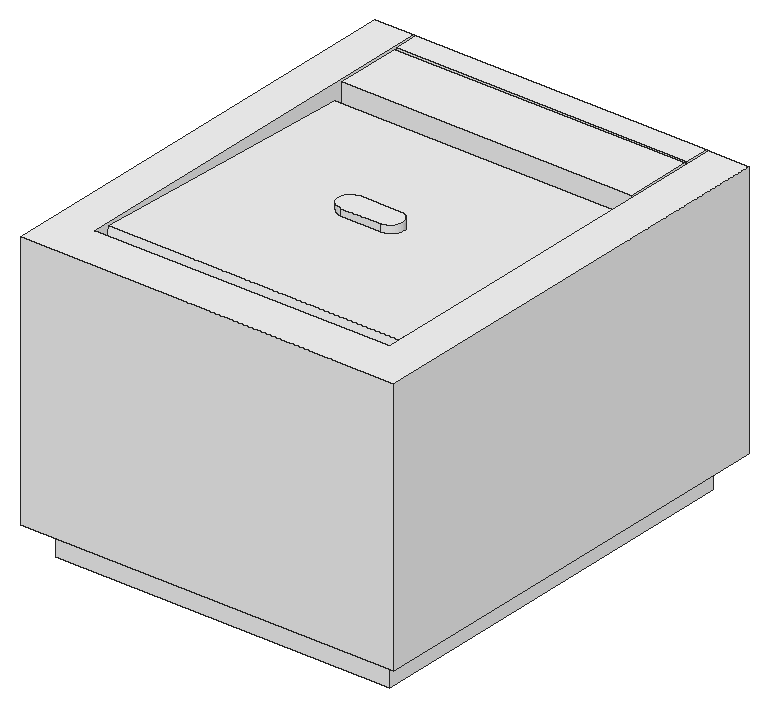
Revit family "Gira_011630", category Electrical Fixtures, host Face, Revit 2017
Family settings
  Host = Face
  Maintain Annotation Orientation = Yes
  Round Connector Dimension = Use Diameter
  Part Type = Normal
  Cut with Voids When Loaded = No
  Shared = No
  Room Calculation Point = No
Parameters (values of type "Wipp-Kontroll AusWe BSF WG AP Grau")
  Zusammenstellung = "Basiselement mit Komplettgehäuse"
  White [instance] = White
  Werkstoffgüte = "sonstige"
  Werkstoff = "sonstige"
  Waschmaschinenschalter = "No"
  URL = "http://katalog.gira.de/de_DE/datenblatt.html?artikelnr=011630"
  Textfeld/Beschriftungsfläche = "ja"
  Tastschalter = "No"
  Schaltungsart = "Wechselschalter"
  Rückmeldekontakt = "No"
  Region = "DE"
  Oberfläche = "sonstige"
  Nennspannung = "250 Volt"
  Name = "Wipp-Kontroll AusWe BSF WG AP Grau"
  Montageart = "auf Putz"
  Mit Montageplatte = "No"
  Manufacturer URL = "https://www.gira.de/"
  HeinzeBIM = "https://bimportal.heinze.de/bim/wipp-kontroll-auswe-bsf-wg-ap-grau/792a0ebdb48dce59681e89607bfd836bc6005c90"
  Halogenfrei = "No"
  HAN = "011630"
  Geeignet für Schutzart (IP) = "IP44"
  GTIN = "4010337116301"
  Farbe = "grau"
  Default Elevation = 1219.2 mm
  Data sheet (1) = "https://katalog.gira.de/de_DE/download.html?artikelnr=011630"
  Category = "Installationsschalter"
  Bemessungsstrom = "16 Ampere"
  Beleuchtungsfunktion = "beleuchtet wenn eingeschaltet"
  Beleuchtungsart = "Glimmlampe"
  Beleuchtung = "ja"
  Befestigungsart = "Schraubbefestigung"
  Bedienungsart = "Wippe/Taste"
  Available = "Yes"
  Anzahl der Module (bei Modulbauweise) = "1 "
  Anzahl der Betätigungswippen = "1 "
  Anschlussart = "Steckklemme"
Reference planes
  plane 1 "Center (Front/Back)": y = 0
  plane 2: z = 0
  plane 3 "Center (Left/Right)": x = 0
  plane 4: x = 30
  plane 5: x = -30
  plane 6: z = 41.4
Forms (mm)
  Extrusion 1, solid, material "White" <- "White", detail levels medium+fine
    sketch origin (0, 0, 0) x (1, 0, 0) y (0, 1, 0)
      loop
        line (-34, 41) -> (-34, -41) -> (34, -41) -> (34, 41) -> (-34, 41)
    from 0 to -6.2
  Extrusion 2, solid, material "White" <- "White", detail levels medium+fine
    sketch origin (0, 0, 0) x (1, 0, 0) y (0, 1, 0)
      loop
        line (-38, 45) -> (-38, -45) -> (38, -45) -> (38, 45) -> (-38, 45)
    from 0 to 52.4
  Extrusion 3, void
    sketch origin (0, 0, 0) x (1, 0, 0) y (0, 0, 1)
      loop
        line (-30, 59.413) -> (-30, 41.4) -> (30, 41.4) -> (30, 59.413) -> (-30, 59.413)
    from 36 to -113.06
  Extrusion 4, solid, material "White" <- "White", detail levels medium
    sketch origin (225, 0, 0) x (1, 0, 0) y (0, 1, 0)
      loop
        line (-254.5, 44.5) -> (-254.5, -35.5) -> (-195.5, -35.5) -> (-195.5, 44.5) -> (-254.5, 44.5)
    from 41.4 to 52.4
  Extrusion 5, solid, material "White" <- "White", detail levels fine
    sketch origin (0, 0, 0) x (1, 0, 0) y (0, 1, 0)
      loop
        line (-29.5, 45) -> (-29.5, 40) -> (29.5, 40) -> (29.5, 45) -> (-29.5, 45)
    from 41.4 to 52.4
  Extrusion 6, solid, material "White" <- "White", detail levels fine
    sketch origin (0, 0, 0) x (1, 0, 0) y (0, 1, 0)
      loop
        line (29.5, 39.5) -> (-29.5, 39.5) -> (-29.5, 26) -> (29.5, 26) -> (29.5, 39.5)
    from 41.4 to 52.4
  Extrusion 7, solid, material "White" <- "White", detail levels fine
    sketch origin (0, 0, 0) x (1, 0, 0) y (0, 1, 0)
      loop
        arc (-4, -1) -> (-6.5, -3.5) -> (-4, -6) r 2.5
        line (-4, -6) -> (4, -6)
        arc (4, -6) -> (6.5, -3.5) -> (4, -1) r 2.5
        line (4, -1) -> (-4, -1)
    from 41.4 to 52.4
  Extrusion 8, solid, material "White" <- "White", detail levels coarse
    sketch origin (0, 0, 0) x (1, 0, 0) y (0, 1, 0)
      loop
        line (-38, 46) -> (-38, -45) -> (38, -45) -> (38, 46) -> (-38, 46)
    from -6.2 to 52.4
  Extrusion 9, solid, material "White" <- "White", detail levels medium+fine
    sketch origin (0, 0, 0) x (1, 0, 0) y (0, 0, 1)
      loop
        circle (0, 14) r 3.6
    from -46 to -45
  Extrusion 10, solid, material "White" <- "White", detail levels fine
    sketch origin (0, 0, 0) x (0, 1, 0) y (0, 0, 1)
      loop
        line (-36, 41.4) -> (26, 41.4) -> (24.38, 49.736) -> (-33.115, 52.169) -> (-36, 41.4)
    from -29.5 to 29.5
Cuts and joins
  Extrusion 3 cuts Extrusion 2
Dimensions and locks
  aligned and locked: plane 2 to host face
  aligned and locked: level to host face
  aligned and locked: plane 3 "Center (Left/Right)" to nested 1
  aligned and locked: plane 1 "Center (Front/Back)" to nested 1
Nested families
  nested 1: "Schalter" at (0, 0, 0), type "Schalter"
Connectors
  electrical at (0, 0, -6.2)
    settings: on Extrusion 1, index 1, voltage 224 V, apparent load 0 VA, apparent load phase1 0 VA, apparent load phase2 0 VA, apparent load phase3 0 VA, power factor 1, load classification "Other", number of poles 1, system type 30, power factor state 1, is connector primary yes, connector utility no, sub classification motor no, connector description ""
Definition of nested family "Schalter"
  Reference planes
    plane 1: y = 0
    plane 2: x = 0
  Lines and regions (mm)
    detail lines
      curve 1: circle (1.375, 2.778, 0) r 0.8 normal (0, 0, 1)
      curve 2: line (1.021, 2.061, 0) -> (0, 0, 0)
      curve 3: line (0, 0, 0) -> (-0.538, 0.266, 0)
  Dimensions and locks
    curve 2 to curve 2 = 2.3 mm
    curve 3 to curve 2 = 0.6 mm
    radius of curve 1 = 0.8 mm
